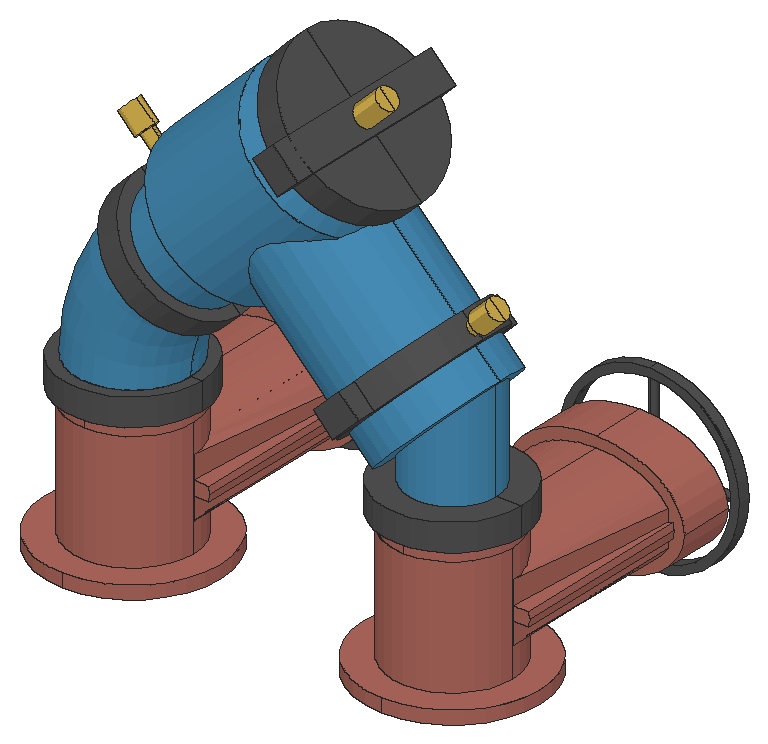
Revit family "Backflow_Preventer-DC-Zurn_Wilkins-Model_450_450G-(8-10_Inch)", category Pipe Accessories, Revit 2022
Family settings
  Round Connector Dimension = Use Radius
  Part Type = Valve - Breaks Into
  OmniClass Number = 23.65.55.14.21
  OmniClass Title = Non-Return Valves for Liquid Services
  Work Plane-Based = No
  Always vertical = Yes
  Cut with Voids When Loaded = No
  Shared = No
Parameters (values of type "10-450 (10" 450)")
  URL = "https://www.zurn.com"
  Type Comments = ""
  Symbolic diagram = Symbolic diagram 450NRS(8-10) : 10"
  Repair Parts URL = "https://files.zurn.com/repair-parts/450_new_file.pdf"
  Rated Flow = 2400 GPM
  Product data URL = "https://www.bimobject.com/en/wilkins/product/zurn-450"
  Product Weight (lbs) = 1032
  Product Page URL = "https://www.zurn.com/products/water-control/backflow-preventers/450"
  Product Installation Sheet URL = "https://files.zurn.com/care-cleaning-install-warranty-sheets/is450-450da-8.pdf"
  Product Documentation Link = "https://files.zurn.com/spec-sheets/bf-450.pdf"
  Pressure Loss at Rated Flow = 6.00 psi
  Pipe Size = 1 3/32"
  Overall Length = 29"
  Overall Height = 47 1/2"
  Nominal Diameter = Nominal Radius * 2  # 10"
  Modified Date = "10/22/2025"  # constant formula
  Max Working Water Temperature = 140 °F  # constant formula
  Max Working Water Pressure = 175.00 psi  # constant formula
  Manufacturer Brand = "Zurn Wilkins"  # constant formula
  Main Material = Paint - Zurn - Blue - Ductile Iron
  Main Body DA = Main Body 450(8-10) : 10"
  Symbol Length = 24"
  Nominal Radius = 5"
  Model = "450"
  Manufacturer = "Zurn Water, LLC"  # constant formula
  Shut Off Valve = Gate Valve_450 NRS(8-10) : 10"
  Length = Overall Length  # 29"
  Hydrostatic Test Pressure = 350.00 psi  # constant formula
  Height = Overall Height  # 47 1/2"
  Flow Rate (GPM) = 0 GPM
  Description = "Double Check Valve Assembly"  # constant formula
  Default Elevation = 0"
  Date Created = "10/22/2025"  # constant formula
  DIM D - Center to cover coupling end = 8 31/32"
  DIM C - Center to gate valve stem top = 24 3/4"
  DIM B - Overall height of the valve = 47 1/2"
  DIM A - Inlet center to outlet center = 29"
  Bend Radius Outside = 2"
  Bend Radius = 1"
  Assembly Code = "D2020300"
Reference planes (in)
  plane 1 "Center (Front/Back)": y = 0
  plane 2: z = 0
  plane 3 "Center (Left/Right)": x = 0
  plane 4: z = 32.12448
  plane 5: x = -14.5
  plane 6: x = 14.5
  plane 7: z = -15.37552
  plane 8: y = 8.96875
  plane 9: y = 24.75
Dimensions and locks (in)
  equal spacing: plane 5, plane 3 "Center (Left/Right)", plane 6
  "DIM A - Inlet center to outlet center": plane 5 to plane 6
  locked: plane 4 to plane 2 at 32.12448
  "DIM B - Overall height of the valve": plane 4 to plane 7
  "DIM D - Center to cover coupling end": plane 1 "Center (Front/Back)" to plane 8
  "DIM C - Center to gate valve stem top": plane 1 "Center (Front/Back)" to plane 9
  locked: plane 1 "Center (Front/Back)" to nested 2
  locked: connector elem to plane 5
  locked: connector elem to plane 1 "Center (Front/Back)"  (x2)
  locked: connector elem to plane 6
  aligned: nested 1 to level
  aligned: plane 1 "Center (Front/Back)" to nested 1
  aligned and locked: plane 1 "Center (Front/Back)" to nested 1
  aligned and locked: plane 3 "Center (Left/Right)" to nested 3
  aligned: nested 3 to nested 1
  aligned: nested 1 to nested 3  (x2)
  aligned: nested 2 to nested 3  (x5)
  aligned and locked: level to plane 2
  aligned and locked: nested 2 to plane 6
  aligned and locked: plane 5 to nested 1
  aligned and locked: plane 3 "Center (Left/Right)" to nested 4
  aligned and locked: level to nested 4
  aligned and locked: nested 2 to plane 7
  aligned and locked: plane 1 "Center (Front/Back)" to nested 4
  aligned and locked: plane 7 to nested 1
Nested families (in)
  nested 1: "Gate Valve_450 NRS(8-10)" at (-14.5, 0, -8.84427) x (0, 0, -1) z (0, 1, 0), type <- "Shut Off Valve", type "10"", detail levels fine
    with Housing Top Radius 2 3/8", Housing Bottom Radius 2 1/2", Horizontal Flange Thickness 4 7/8", Horizontal Flange Height 21 1/4", Cover Diameter 7 1/2", Body Radius 5 1/2", Body Diameter 11"
  nested 2: "Gate Valve_450 NRS(8-10)" at (14.5, 0, -8.84427) x (0, 0, -1) z (0, 1, 0), type <- "Shut Off Valve", type "10"", detail levels fine
    with Housing Top Radius 2 3/8", Housing Bottom Radius 2 1/2", Horizontal Flange Thickness 4 7/8", Horizontal Flange Height 21 1/4", Cover Diameter 7 1/2", Body Radius 5 1/2", Body Diameter 11"
  nested 3: "Main Body 450(8-10)" at (1.01587, 8.2845, 0), type <- "Main Body DA", type "10"", detail levels fine
  nested 4: "Symbolic diagram 450NRS(8-10)" at (0, 0, 0), type <- "Symbolic diagram", type "10"", detail levels coarse+medium
    with Product Install & Maintenance Sheet URL ""
Connectors (in)
  piping at (-14.5, 0, -15.37552), diameter 10, driven by "Nominal Radius"
    settings: on nested 1, index 1, connector inside diameter 24", connector length 0", flow factor 0, pipe flow 0 GPM, pressure drop 0.00 psi, fitting loss kfactor 0, connector angle 0.00°, fixture units 0, engagement length 0", angle of deflection 0.00°, flow configuration 0, flow direction 1, fitting loss method 0, system type 29, joint type 0, gender type 0, connector reference index 2, connector utility 0, adjustable connector no, is connector primary yes, connector description "Inlet"
  piping at (14.5, 0, -15.37552), diameter 10, driven by "Nominal Radius"
    settings: on plane 7, index 2, connector inside diameter 24", connector length 0", flow factor 0, pipe flow 0 GPM, pressure drop 0.00 psi, fitting loss kfactor 0, connector angle 0.00°, fixture units 0, engagement length 0", angle of deflection 0.00°, flow configuration 0, flow direction 2, fitting loss method 0, system type 29, joint type 0, gender type 0, connector reference index 1, connector utility 0, adjustable connector no, is connector primary no, connector description "Outlet"
Definition of nested family "Gate Valve_450 NRS(8-10)"
  Parameters (values of type "8" G")
    URL = "http://www.zurn.com/operations/wilkins/pdfs/specsheets/GV-48WILKINS.pdf"
    Symbol Width = 0.5 * Body Length * tan(30.00°)  # 3.33781"
    Spoke Width = Hand Wheel Radius - 3/4"  # 6 5/8"
    Side flange diameter = 9"
    Pipe Size = 8"
    Pipe Radius = 4"
    Open Height = 21 1/8"
    OSY = no
    Model = "48"
    Manufacturer = "Zurn Wilkins"
    MR side flange diameter = 11 3/4"
    Loss Method = (empty or 0)
    Housing Top Radius [instance] = Housing Bottom Radius - 1/8"  # 2 3/8"
    Housing Bottom Radius [instance] = if(Hand Wheel Diameter > 11", 2 1/2", 1 13/16")  # 2 1/2"
    Horizontal Flange Thickness [instance] = ((Flange Thickness * 2) * 2) + 1/8"  # 4 5/8"
    Horizontal Flange Height [instance] = Closed Height - 3 1/2"  # 17 5/8"
    Hand Wheel Height = Open Height / 2  # 10 9/16"
    Hand Wheel Radius = Hand Wheel Diameter / 2  # 7 3/8"
    Hand Wheel Diameter = 14 3/4"
    Flange Thickness = 1 1/8"
    Flange Radius = Flange Diameter / 2  # 6 3/4"
    Flange Diameter = 13 1/2"
    Description = "Gate Valve"
    Default Elevation = 0"
    Cover Diameter [instance] = (Flange Diameter / 2) - 1/2"  # 6 1/4"
    Closed Height = 21 1/8"
    Body Radius [instance] = (Pipe Size / 2) + 1/2"  # 4 1/2"
    Body Length = 11 9/16"
    Body Diameter [instance] = Body Radius * 2  # 9"
    Assembly Code = "D2090800"
  Types (4): name | Symbol Width | Spoke Width | Side flange diameter | Pipe Size | Pipe Radius | Open Height | MR side flange diameter | Horizontal Flange Thickness | Horizontal Flange Height | Hand Wheel Height | Hand Wheel Radius | Hand Wheel Diameter | Flange Thickness | Flange Radius | Flange Diameter | Cover Diameter | Closed Height | Body Radius | Body Length | Body Diameter
    10" | 3.77082" | 7 7/16" | 16" | 10" | 5" | 24 3/4" | 16" | 4 7/8" | 21 1/4" | 12 3/8" | 8 3/16" | 16 3/8" | 1 3/16" | 8" | 16" | 7 1/2" | 24 3/4" | 5 1/2" | 13 1/16" | 11"
    8" | 3.33781" | 6 5/8" | 13 1/2" | 8" | 4" | 21 1/8" | 13 1/2" | 4 5/8" | 17 5/8" | 10 9/16" | 7 3/8" | 14 3/4" | 1 1/8" | 6 3/4" | 13 1/2" | 6 1/4" | 21 1/8" | 4 1/2" | 11 9/16" | 9"
    10" G | 3.77082" | 7 7/16" | 11" | 10" | 5" | 24 3/4" | 14 1/4" | 4 7/8" | 21 1/4" | 12 3/8" | 8 3/16" | 16 3/8" | 1 3/16" | 8" | 16" | 7 1/2" | 24 3/4" | 5 1/2" | 13 1/16" | 11"
    8" G | 3.33781" | 6 5/8" | 9" | 8" | 4" | 21 1/8" | 11 3/4" | 4 5/8" | 17 5/8" | 10 9/16" | 7 3/8" | 14 3/4" | 1 1/8" | 6 3/4" | 13 1/2" | 6 1/4" | 21 1/8" | 4 1/2" | 11 9/16" | 9"
  Reference planes (in)
    plane 1 "Center (Front/Back)": y = 0
    plane 2: z = 0
    plane 3 "Center (Left/Right)": x = 0
    plane 4 "Left": x = -5.78125
    plane 5 "Right": x = 5.78125
    plane 6: z = 21.125
    plane 7 "Flange Left": x = -4.65625
    plane 8 "Flange Right": x = 4.65625
    plane 9 "Horizontal Flange": z = 17.625
    plane 10 "Tap Left": x = -3.40625
    plane 11 "Tap Right": x = 3.40625
    plane 12 "Horizontal Flange Bottom": z = 13
    plane 13: y = 6.75
    plane 14: y = -6.75
    plane 15: z = 13
    plane 16: y = 5.75
    plane 17: y = -5.75
    plane 18: x = -3.65625
    plane 19: x = 3.65625
    plane 20: y = 5.25
    plane 21: y = -5.25
    plane 22: x = -3.15625
    plane 23: x = 3.15625
    plane 24: y = 3.125
    plane 25: y = -3.125
    plane 26: y = 2.375
    plane 27: y = -2.375
    plane 28: y = 4.5
    plane 29: y = -4.5
    plane 30: z = 6.75
    plane 31: y = 4.75
    plane 32: y = -4.75
    plane 33: x = 6.90625
    plane 34: x = -6.90625
    plane 35: y = 3.33781
    plane 36: y = -3.33781
    plane 37: z = 19.25
    plane 38: z = 18.25
    plane 39: z = 16.875
    plane 40: z = 13.25
    plane 41: z = -1.875
    plane 42: z = 0
    plane 43: y = -7.375
    plane 44: y = 7.375
    plane 45: y = -0.6875
    plane 46: y = 0.6875
    plane 47: y = -1.5
    plane 48: y = 1.5
    plane 49: z = 19.75
    plane 50: z = 18.75
    plane 51: z = 20
  Forms (in)
    Extrusion 1, solid, detail levels fine
      sketch origin (0, 0, 0) x (0, 1, 0) y (0, 0, 1)
        loop
          circle (0, 0) r 4.5
      from -4.65625 to 4.65625
    Extrusion 2, solid, detail levels fine
      sketch origin (-4.65625, 0, 0) x (0, 0, 1) y (0, -1, 0)
        loop
          circle (0, 0) r 4.5
      from 0 to -1.125
    Extrusion 3, solid, detail levels fine
      sketch origin (4.25, 0, 0) x (0, 0, 1) y (0, -1, 0)
        loop
          circle (0, 0) r 4.5
      from 0.40625 to 1.53125
    Extrusion 4, solid, detail levels fine
      sketch origin (0, 0, 17.625) x (-1, 0, 0) y (0, -1, 0)
        loop
          spline (0, -6.75) -> (0.60776, -6.69225) -> (1.20513, -6.52) -> (1.78187, -6.23619) -> (2.32813, -5.84567) -> (2.83455, -5.35514) -> (3.29247, -4.77297) -> (3.69405, -4.10914) -> (4.03243, -3.375) -> (4.30181, -2.58311) -> (4.49759, -1.74703) -> (4.61642, -0.88105) -> (4.65625, 0)
          spline (4.65625, 0) -> (4.61642, 0.88105) -> (4.49759, 1.74703) -> (4.30181, 2.58311) -> (4.03243, 3.375) -> (3.69405, 4.10914) -> (3.29247, 4.77297) -> (2.83455, 5.35514) -> (2.32813, 5.84567) -> (1.78187, 6.23619) -> (1.20513, 6.52) -> (0.60776, 6.69225) -> (0, 6.75)
          spline (0, 6.75) -> (-0.60776, 6.69225) -> (-1.20513, 6.52) -> (-1.78187, 6.23619) -> (-2.32812, 5.84567) -> (-2.83455, 5.35514) -> (-3.29247, 4.77297) -> (-3.69405, 4.10914) -> (-4.03243, 3.375) -> (-4.30181, 2.58311) -> (-4.49759, 1.74703) -> (-4.61642, 0.88105) -> (-4.65625, 0)
          spline (-4.65625, 0) -> (-4.61642, -0.88105) -> (-4.49759, -1.74703) -> (-4.30181, -2.58311) -> (-4.03243, -3.375) -> (-3.69405, -4.10914) -> (-3.29247, -4.77297) -> (-2.83455, -5.35514) -> (-2.32812, -5.84567) -> (-1.78187, -6.23619) -> (-1.20513, -6.52) -> (-0.60776, -6.69225) -> (0, -6.75)
      from -4.625 to 0
    Blend 5, solid, detail levels fine
      base sketch origin (0, 0, 0) x (1, 0, 0) y (0, 1, 0)
        loop
          line (0.625, 4.5) -> (0.625, 5.66601)
          spline (0.625, 5.66601) -> (0.57336, 5.67939) -> (0.52161, 5.69163) -> (0.46975, 5.7027) -> (0.4178, 5.71262) -> (0.36576, 5.72137) -> (0.31365, 5.72896) -> (0.26147, 5.73539) -> (0.20924, 5.74065) -> (0.15697, 5.74474) -> (0.10466, 5.74766) -> (0.05234, 5.74942) -> (0, 5.75)
          spline (0, 5.75) -> (-0.05234, 5.74942) -> (-0.10466, 5.74766) -> (-0.15697, 5.74474) -> (-0.20924, 5.74065) -> (-0.26147, 5.73539) -> (-0.31365, 5.72896) -> (-0.36576, 5.72137) -> (-0.4178, 5.71262) -> (-0.46975, 5.7027) -> (-0.52161, 5.69163) -> (-0.57336, 5.67939) -> (-0.625, 5.66601)
          line (-0.625, 5.66601) -> (-0.625, 4.5) -> (-2.27607, 4.5)
          spline (-2.27607, 4.5) -> (-2.48381, 4.21952) -> (-2.67763, 3.91537) -> (-2.85644, 3.58927) -> (-3.01922, 3.24304) -> (-3.16507, 2.87862) -> (-3.29318, 2.49806) -> (-3.40281, 2.10349) -> (-3.49336, 1.69713) -> (-3.56433, 1.28124) -> (-3.6153, 0.85818) -> (-3.646, 0.43029) -> (-3.65625, 0)
          spline (-3.65625, 0) -> (-3.646, -0.43029) -> (-3.6153, -0.85818) -> (-3.56433, -1.28124) -> (-3.49336, -1.69713) -> (-3.40281, -2.10349) -> (-3.29318, -2.49806) -> (-3.16507, -2.87862) -> (-3.01922, -3.24304) -> (-2.85644, -3.58927) -> (-2.67763, -3.91537) -> (-2.48381, -4.21952) -> (-2.27607, -4.5)
          line (-2.27607, -4.5) -> (-0.625, -4.5) -> (-0.625, -5.66601)
          spline (-0.625, -5.66601) -> (-0.57336, -5.67939) -> (-0.52161, -5.69163) -> (-0.46975, -5.7027) -> (-0.4178, -5.71262) -> (-0.36576, -5.72137) -> (-0.31365, -5.72896) -> (-0.26147, -5.73539) -> (-0.20924, -5.74065) -> (-0.15697, -5.74474) -> (-0.10466, -5.74766) -> (-0.05234, -5.74942) -> (0, -5.75)
          spline (0, -5.75) -> (0.05234, -5.74942) -> (0.10466, -5.74766) -> (0.15697, -5.74474) -> (0.20924, -5.74065) -> (0.26147, -5.73539) -> (0.31365, -5.72896) -> (0.36576, -5.72137) -> (0.4178, -5.71262) -> (0.46975, -5.7027) -> (0.52161, -5.69163) -> (0.57336, -5.67939) -> (0.625, -5.66601)
          line (0.625, -5.66601) -> (0.625, -4.5) -> (2.27607, -4.5)
          spline (2.27607, -4.5) -> (2.48381, -4.21952) -> (2.67763, -3.91537) -> (2.85644, -3.58927) -> (3.01922, -3.24304) -> (3.16507, -2.87862) -> (3.29318, -2.49806) -> (3.40281, -2.10349) -> (3.49336, -1.69713) -> (3.56433, -1.28124) -> (3.6153, -0.85818) -> (3.646, -0.43029) -> (3.65625, 0)
          spline (3.65625, 0) -> (3.646, 0.43029) -> (3.6153, 0.85818) -> (3.56433, 1.28124) -> (3.49336, 1.69713) -> (3.40281, 2.10349) -> (3.29318, 2.49806) -> (3.16507, 2.87862) -> (3.01922, 3.24304) -> (2.85644, 3.58927) -> (2.67763, 3.91537) -> (2.48381, 4.21952) -> (2.27607, 4.5)
          line (2.27607, 4.5) -> (0.625, 4.5)
      top sketch origin (0, 0, 0) x (1, 0, 0) y (0, 1, 0)
        loop
          line (0.625, 5.25) -> (0.625, 5.66601)
          spline (0.625, 5.66601) -> (0.57336, 5.67939) -> (0.52161, 5.69163) -> (0.46975, 5.7027) -> (0.4178, 5.71262) -> (0.36576, 5.72137) -> (0.31365, 5.72896) -> (0.26147, 5.73539) -> (0.20924, 5.74065) -> (0.15697, 5.74474) -> (0.10466, 5.74766) -> (0.05234, 5.74942) -> (0, 5.75)
          spline (0, 5.75) -> (-0.05234, 5.74942) -> (-0.10466, 5.74766) -> (-0.15697, 5.74474) -> (-0.20924, 5.74065) -> (-0.26147, 5.73539) -> (-0.31365, 5.72896) -> (-0.36576, 5.72137) -> (-0.4178, 5.71262) -> (-0.46975, 5.7027) -> (-0.52161, 5.69163) -> (-0.57336, 5.67939) -> (-0.625, 5.66601)
          line (-0.625, 5.66601) -> (-0.625, 5.25) -> (-1.49125, 5.25)
          spline (-1.49125, 5.25) -> (-1.80402, 5.00134) -> (-2.10021, 4.70673) -> (-2.37711, 4.36888) -> (-2.63217, 3.99089) -> (-2.86305, 3.57622) -> (-3.06762, 3.1287) -> (-3.244, 2.65244) -> (-3.39058, 2.1518) -> (-3.506, 1.63139) -> (-3.58922, 1.09599) -> (-3.63945, 0.55053) -> (-3.65625, 0)
          spline (-3.65625, 0) -> (-3.63945, -0.55053) -> (-3.58922, -1.09599) -> (-3.506, -1.63139) -> (-3.39058, -2.1518) -> (-3.244, -2.65244) -> (-3.06762, -3.1287) -> (-2.86305, -3.57622) -> (-2.63217, -3.99089) -> (-2.37711, -4.36888) -> (-2.10021, -4.70673) -> (-1.80402, -5.00134) -> (-1.49125, -5.25)
          line (-1.49125, -5.25) -> (-0.625, -5.25) -> (-0.625, -5.66601)
          spline (-0.625, -5.66601) -> (-0.57336, -5.67939) -> (-0.52161, -5.69163) -> (-0.46975, -5.7027) -> (-0.4178, -5.71262) -> (-0.36576, -5.72137) -> (-0.31365, -5.72896) -> (-0.26147, -5.73539) -> (-0.20924, -5.74065) -> (-0.15697, -5.74474) -> (-0.10466, -5.74766) -> (-0.05234, -5.74942) -> (0, -5.75)
          spline (0, -5.75) -> (0.05234, -5.74942) -> (0.10466, -5.74766) -> (0.15697, -5.74474) -> (0.20924, -5.74065) -> (0.26147, -5.73539) -> (0.31365, -5.72896) -> (0.36576, -5.72137) -> (0.4178, -5.71262) -> (0.46975, -5.7027) -> (0.52161, -5.69163) -> (0.57336, -5.67939) -> (0.625, -5.66601)
          line (0.625, -5.66601) -> (0.625, -5.25) -> (1.49125, -5.25)
          spline (1.49125, -5.25) -> (1.80402, -5.00134) -> (2.10021, -4.70673) -> (2.37711, -4.36888) -> (2.63217, -3.99089) -> (2.86305, -3.57622) -> (3.06762, -3.1287) -> (3.244, -2.65244) -> (3.39058, -2.1518) -> (3.506, -1.63139) -> (3.58922, -1.09599) -> (3.63945, -0.55053) -> (3.65625, 0)
          spline (3.65625, 0) -> (3.63945, 0.55053) -> (3.58922, 1.09599) -> (3.506, 1.63139) -> (3.39058, 2.1518) -> (3.244, 2.65244) -> (3.06762, 3.1287) -> (2.86305, 3.57622) -> (2.63217, 3.99089) -> (2.37711, 4.36888) -> (2.10021, 4.70673) -> (1.80402, 5.00134) -> (1.49125, 5.25)
          line (1.49125, 5.25) -> (0.625, 5.25)
      from 0 to 13
    Extrusion 6, solid, detail levels fine
      sketch origin (-0.03217, 0, 0) x (0.434027, 0.9009, 0) y (-0.9009, 0.434027, 0)
        loop
          circle (0.01396, -0.02898) r 0.6875
      from 0 to 21.125
    Revolve 7, solid, visible <- "OSY", detail levels fine
      sketch origin (-0.03217, 0, 0) x (0, 1, 0) y (0, 0, 1)
        loop
          line (0, 17.625) -> (2.5, 17.625) -> (2.375, 17.76097)
          arc (2.375, 17.76097) -> (2.22477, 18.10741) -> (1.87512, 18.25) r 0.5
          line (1.87512, 18.25) -> (0, 18.25) -> (0, 17.625)
        axis (0, 17.625) -> (0, 18.25)
      angle from 0 to 360
    Extrusion 8, void
      sketch origin (-0.03217, 0, 0) x (0, 1, 0) y (0, 0, 1)
        loop
          line (0.9996, 16.875) -> (-1.00282, 16.875) -> (-1.00282, 13.25) -> (0.9996, 13.25) -> (0.9996, 16.875)
      from -3 to 3
    Extrusion 9, solid, detail levels fine
      sketch origin (0, 0, 19.25) x (-1, 0, 0) y (0, -1, 0)
        loop
          circle (0, 0) r 1.5
      from -0.75 to 0.75
    Extrusion 10, solid, detail levels fine
      sketch origin (0, 0, 19.25) x (-1, 0, 0) y (0, -1, 0)
        loop
          circle (0, 0) r 7.375
        loop
          circle (0, 0) r 6.625
        loop
          circle (0, 0) r 1.75
      from -0.5 to 0.5
    Revolve 11, solid, detail levels fine
      sketch origin (0, 0, 0) x (1, 0, 0) y (0, 0, 1)
        loop
          line (-6.625, 19.625) -> (-6.625, 19.25) -> (6.625, 19.25) -> (6.625, 19.625) -> (-6.625, 19.625)
        axis (-6.625, 19.25) -> (6.625, 19.25)
      angle from 0 to 360
    Revolve 12, solid, detail levels fine
      sketch origin (0, 0, 0) x (0, 1, 0) y (0, 0, 1)
        loop
          line (6.625, 19.25) -> (6.625, 19.625) -> (-6.625, 19.625) -> (-6.625, 19.25) -> (6.625, 19.25)
        axis (6.625, 19.25) -> (-6.625, 19.25)
      angle from 0 to 360
  Cuts and joins
    Extrusion 8 cuts Revolve 7
  Lines and regions (in)
    Masking region 1, detail levels fine
      outline origin (0, 0, 0) x (0, 1, 0) y (0, 0, 1)
        loop
          arc (-5.75, 1.20546) -> (0, -5.875) -> (5.75, 1.20546) r 5.875
          line (5.75, 1.20546) -> (5.75, 13) -> (6.75, 13) -> (6.75, 17.625) -> (2.375, 17.625) -> (2.375, 18.75) -> (7.375, 18.75) -> (7.375, 19.75) -> (1.5, 20) -> (0.6875, 20) -> (0.6875, 21.125) -> (-0.6875, 21.125) -> (-0.6875, 20) -> (-1.5, 20) -> (-7.375, 19.75) -> (-7.375, 18.75) -> (-2.375, 18.75) -> (-2.375, 17.625) -> (-6.75, 17.625) -> (-6.75, 13) -> (-5.75, 13) -> (-5.75, 1.20546)
  Dimensions and locks (in)
    "Open Height": plane 6 to plane 2
    equal spacing: plane 5 "Right", plane 3 "Center (Left/Right)", plane 4 "Left"
    "Body Length": plane 5 "Right" to plane 4 "Left"
    "Flange Thickness": plane 7 "Flange Left" to plane 4 "Left"
    "Flange Thickness": plane 5 "Right" to plane 8 "Flange Right"
    locked: plane 10 "Tap Left" to plane 7 "Flange Left" at 1.25
    locked: plane 11 "Tap Right" to plane 8 "Flange Right" at 1.25
    "Horizontal Flange Height": plane 9 "Horizontal Flange" to plane 2
    "Horizontal Flange Thickness": plane 9 "Horizontal Flange" to plane 12 "Horizontal Flange Bottom"
    equal spacing: plane 13, plane 1 "Center (Front/Back)", plane 14
    "Flange Diameter": plane 13 to plane 14
    locked: plane 13 to plane 16 at 1
    locked: plane 17 to plane 14 at 1
    locked: plane 7 "Flange Left" to plane 18 at 1
    locked: plane 19 to plane 8 "Flange Right" at 1
    locked: plane 16 to plane 20 at 0.5
    locked: plane 21 to plane 17 at 0.5
    locked: plane 18 to plane 22 at 0.5
    locked: plane 23 to plane 19 at 0.5
    locked: plane 24 to plane 26 at 0.75
    locked: plane 27 to plane 25 at 0.75
    "Cover Diameter": plane 24 to plane 25
    equal spacing: plane 24, plane 1 "Center (Front/Back)", plane 25
    equal spacing: plane 28, plane 1 "Center (Front/Back)", plane 29
    "Body Diameter": plane 28 to plane 29
    "Flange Radius": plane 30 to plane 2
    locked: plane 31 to plane 28 at 0.25
    locked: plane 29 to plane 32 at 0.25
    "Flange Thickness": plane 33 to plane 5 "Right"
    "Flange Thickness": plane 4 "Left" to plane 34
    "Symbol Width": plane 1 "Center (Front/Back)" to plane 35
    "Symbol Width": plane 1 "Center (Front/Back)" to plane 36
    locked: plane 37 to plane 38 at 1
    locked: plane 38 to plane 39 at 1.375
    locked: plane 39 to plane 40 at 3.625
    Extrusion 8 sketch curve to plane 1 "Center (Front/Back)" to Extrusion 8 sketch curve = 1.00282" locked, 0.9996" locked
    "Housing Top Radius": Revolve 7 sketch curve to Revolve 7 sketch curve
    "Housing Bottom Radius": Revolve 7 sketch curve to Revolve 7 sketch curve
    "Closed Height": plane 37 to plane 41
    locked: plane 2 to plane 41 at 1.875
    Revolve 11 sketch curve to Revolve 11 sketch curve = 3/8"
    equal spacing: Revolve 11 sketch curve, plane 3 "Center (Left/Right)", Revolve 11 sketch curve
    "Spoke Width": plane 3 "Center (Left/Right)" to Revolve 11 sketch curve
    equal spacing: Revolve 12 sketch curve, plane 1 "Center (Front/Back)", Revolve 12 sketch curve
    "Spoke Width": Revolve 12 sketch curve to plane 1 "Center (Front/Back)"
    locked: Revolve 12 sketch curve to Revolve 12 sketch curve at 0.375
    Extrusion 9 to plane 37 to Extrusion 9 = 3/4" locked, 3/4" locked
    Extrusion 10 to plane 37 to Extrusion 10 = 1/2" locked, 1/2" locked
    locked: plane 1 "Center (Front/Back)" to Extrusion 1 sketch curve
    locked: level to Extrusion 1 sketch curve
    locked: Extrusion 2 sketch curve to plane 1 "Center (Front/Back)"
    locked: level to Extrusion 2 sketch curve
    locked: plane 1 "Center (Front/Back)" to Extrusion 3 sketch curve
    locked: level to Extrusion 3 sketch curve
    locked: Extrusion 6 sketch curve to plane 3 "Center (Left/Right)" at 0
    locked: plane 1 "Center (Front/Back)" to Extrusion 6 sketch curve at 0
    locked: plane 3 "Center (Left/Right)" to Extrusion 9 sketch curve
    locked: plane 1 "Center (Front/Back)" to Extrusion 9 sketch curve
    locked: plane 1 "Center (Front/Back)" to Extrusion 10 sketch curve  (x3)
    locked: plane 3 "Center (Left/Right)" to Extrusion 10 sketch curve  (x3)
    equal spacing: plane 43, plane 1 "Center (Front/Back)", plane 44
    "Hand Wheel Diameter": plane 43 to plane 44
    equal spacing: plane 45, plane 1 "Center (Front/Back)", plane 46
    locked: plane 45 to plane 46 at 1.375
    equal spacing: plane 47, plane 1 "Center (Front/Back)", plane 48
    locked: plane 47 to plane 48 at 3
    locked: plane 51 to plane 37 at 0.75
    equal spacing: plane 49, plane 37, plane 50
    locked: plane 49 to plane 50 at 1
    "Body Radius": radius of Extrusion 1 sketch curve
    "Body Radius": radius of Extrusion 2 sketch curve
    "Hand Wheel Radius": radius of Extrusion 10 sketch curve
    radius of Extrusion 10 sketch curve = 1 3/4"
    "Spoke Width": radius of Extrusion 10 sketch curve
    radius of Extrusion 6 sketch curve = 11/16"
    radius of Extrusion 9 sketch curve = 1 1/2"
    "MR side flange diameter": diameter of Masking region 1 sketch curve
    "Side flange diameter": diameter of Extrusion 3 sketch curve
    aligned: plane 5 "Right" to Extrusion 1
    aligned: Extrusion 1 to plane 4 "Left"
    aligned and locked: Extrusion 1 to plane 7 "Flange Left"
    aligned and locked: plane 8 "Flange Right" to Extrusion 1
    aligned and locked: Extrusion 2 to plane 4 "Left"
    aligned and locked: plane 7 "Flange Left" to Extrusion 2
    aligned and locked: plane 5 "Right" to Extrusion 3
    aligned and locked: plane 9 "Horizontal Flange" to Extrusion 4
    aligned and locked: Extrusion 4 to plane 12 "Horizontal Flange Bottom"
    aligned and locked: Extrusion 3 to plane 8 "Flange Right"
    aligned and locked: Extrusion 3 to plane 5 "Right"
    aligned and locked: plane 4 "Left" to Extrusion 2
    aligned and locked: Extrusion 2 to plane 7 "Flange Left"
    aligned and locked: plane 13 to Extrusion 4 sketch curve
    aligned and locked: plane 8 "Flange Right" to Extrusion 4 sketch curve
    aligned and locked: plane 7 "Flange Left" to Extrusion 4 sketch curve
    aligned and locked: plane 14 to Extrusion 4 sketch curve
    aligned and locked: plane 20 to Blend 5 sketch curve  (x2)
    aligned and locked: Blend 5 sketch curve to plane 21  (x2)
    aligned: Blend 5 to plane 30
    aligned and locked: plane 12 "Horizontal Flange Bottom" to Blend 5
    aligned and locked: Blend 5 to level
    aligned and locked: Revolve 7 sketch curve to plane 38
    aligned and locked: plane 39 to Extrusion 8 sketch curve
    aligned and locked: plane 40 to Extrusion 8 sketch curve
    aligned and locked: plane 9 "Horizontal Flange" to cut or joined group of Revolve 7, Extrusion 8
    aligned and locked: plane 6 to Extrusion 6
    aligned and locked: plane 37 to Revolve 11 sketch curve
    aligned and locked: Revolve 11 sketch curve to plane 37
    aligned and locked: plane 37 to Revolve 12 sketch curve
    aligned and locked: Extrusion 6 to level
    aligned and locked: plane 1 "Center (Front/Back)" to Revolve 7 sketch curve
    aligned and locked: Revolve 7 sketch curve to Revolve 7 sketch curve
    aligned and locked: plane 17 to Masking region 1 sketch curve
    aligned and locked: Masking region 1 sketch curve to Extrusion 4  (x2)
    aligned and locked: Masking region 1 sketch curve to plane 14
    aligned and locked: Masking region 1 sketch curve to Extrusion 10  (x2)
    aligned and locked: plane 16 to Masking region 1 sketch curve
    aligned and locked: plane 13 to Masking region 1 sketch curve
    aligned and locked: plane 12 "Horizontal Flange Bottom" to Masking region 1 sketch curve
    aligned and locked: plane 12 "Horizontal Flange Bottom" to Masking region 1  (x2)
    aligned and locked: plane 1 "Center (Front/Back)" to Masking region 1 sketch curve
    aligned and locked: level to Masking region 1 sketch curve
    aligned and locked: plane 9 "Horizontal Flange" to Masking region 1 sketch curve
    aligned and locked: plane 43 to Masking region 1 sketch curve
    aligned and locked: plane 48 to Masking region 1 sketch curve
    aligned and locked: plane 44 to Masking region 1 sketch curve
    aligned and locked: plane 45 to Masking region 1 sketch curve
    aligned and locked: plane 46 to Masking region 1 sketch curve
    aligned and locked: plane 6 to Masking region 1 sketch curve
    aligned and locked: plane 51 to Masking region 1 sketch curve  (x2)
    aligned and locked: plane 47 to Masking region 1 sketch curve
    aligned and locked: plane 26 to Masking region 1 sketch curve
    aligned and locked: Masking region 1 sketch curve to plane 27
  Automatic sketch dimensions
    Extrusion 4 sketch curve to plane 3 "Center (Left/Right)" = 0"  (x2)
    plane 1 "Center (Front/Back)" to Extrusion 4 sketch curve = 0"  (x2)
    plane 1 "Center (Front/Back)" to Blend 5 sketch curve = 0"  (x10)
    Blend 5 sketch curve to plane 18 = 0"  (x2)
    Blend 5 sketch curve to plane 28 = 0"  (x2)
    Blend 5 sketch curve to plane 29 = 0"  (x2)
    Blend 5 sketch curve to plane 3 "Center (Left/Right)" = 0"  (x12)
    Blend 5 sketch curve to plane 19 = 0"  (x2)
    Blend 5 sketch curve to plane 17 = 0"  (x14)
    plane 17 to Blend 5 sketch curve = 0.08399"  (x2)
    Blend 5 sketch curve to plane 3 "Center (Left/Right)" = 5/8"  (x4)
    Blend 5 sketch curve to plane 16 = 0.08399"  (x4)
    plane 3 "Center (Left/Right)" to Blend 5 sketch curve = 5/8"  (x4)
    Blend 5 sketch curve to Blend 5 sketch curve = 0.08399"
    Blend 5 sketch curve to Blend 5 sketch curve = 0.41601"
    plane 38 to Revolve 7 sketch curve = 1/2"
    plane 38 to Revolve 7 sketch curve = 0.48903"
    Revolve 7 sketch curve to plane 30 = 10 7/8"
    Revolve 7 sketch curve to plane 37 = 3/8"
    plane 37 to Revolve 7 sketch curve = 7/8"
    Revolve 11 sketch curve to plane 33 = 1/4"
    plane 33 to Revolve 11 sketch curve = 1/2"
    Revolve 12 sketch curve to plane 37 = 0"
    Revolve 12 sketch curve to Revolve 12 sketch curve = 1/4"
    Revolve 12 sketch curve to Revolve 12 sketch curve = 1 1/4"
    plane 49 to Masking region 1 sketch curve = 0"  (x2)
Definition of nested family "Main Body 450(8-10)"
  Parameters (values of type "10"")
    Weight = ""
    Side pipe dia = 5 1/4"
    Right side pipe length = 10 1/2"
    MR right side nipple to body length = 3/4"
    MR body dia-1 = 12 13/16"
    Loss Method = (empty or 0)
    Flange thickness = 2 15/32"
    Flange Radius = 6 5/16"
    Default Elevation = 0"
    Center to cover coupling end D = 8 31/32"
    Center to bypass end = 13"
    Assembly Code = ""
    Pipe Size = 5 1/4"
  Types (2): name | Weight | Side pipe dia | MR right side nipple to body length | MR body dia-1 | Flange thickness | Flange Radius | Pipe Size
    10" | "" | 5 1/4" | 3/4" | 12 13/16" | 2 15/32" | 6 5/16" | 5 1/4"
    8" | "185 lbs." | 4 3/4" | 1.81173" | 11" | 2 5/16" | 5" | 4 1/4"
  Reference planes (in)
    plane 1 "Center (Front/Back)": y = -8.2845
    plane 2: z = 0
    plane 3: through (12.89079, -180, 5.28568) normal (-0.7071, 0, -0.7071)
    plane 4: x = 13.48413
    plane 5: x = -15.51587
    plane 6: through (-5.92374, -180, 15.48877) normal (-0.7071, 0, 0.7071)
    plane 7 "pipe": z = 18.3227
    plane 8: x = -1.01587
    plane 9: x = 20.52572
    plane 10 "pipe back": y = 3.14308
    plane 11 "pipe connection": through (-8.49462, -180, 13.09243) normal (0.7071, 0, 0.7071)
    plane 12: y = 3.14308
    plane 13 "C2": x = -1.99281
    plane 14: z = 32.12448
    plane 15: y = 4.7155
    plane 16: y = 4.30864
    plane 17: x = 21.07181
    plane 18: x = 21.99074
    plane 19: y = 3.68873
    plane 20: x = -13.36177
    plane 21: y = -7.5345
    plane 22: y = -9.0345
    plane 23: y = -1.972
    plane 24: y = -14.597
    plane 25: y = -15.7845
    plane 26: y = -14.69075
    plane 27: y = -1.87825
    plane 28: x = 19.77572
    plane 29: y = -11.7845
    plane 30: x = -5.89941
    plane 31: x = 16.01526
    plane 32: x = 16.64026
    plane 33: x = 11.3565
    plane 34: x = 10.72117
    plane 35: x = -10.26587
    plane 36: x = -7.76587
    plane 37: z = -2.31302
    plane 38: y = -17.25325
    plane 39: y = 0.68425
    plane 40: x = 2.52856
    plane 41: x = 12.15517
    plane 42: y = -4.7845
    plane 43: y = -0.7845
  Forms (in)
    Revolve 1, solid, detail levels fine
      sketch origin (0, -8.2845, 0) x (1, 0, 0) y (0, 0, 1)
        loop
          line (-10.21896, 18.61817) -> (-15.67446, 13.16267) -> (-11.96215, 9.45036) -> (4.29282, 25.70533) -> (-0.21499, 30.21313) -> (-1.05846, 29.36966) -> (-3.25396, 28.62373) -> (-11.73924, 20.13845) -> (-10.21896, 18.61817)
        axis (-11.96215, 9.45036) -> (4.29282, 25.70533)
      angle from 0 to 360
    Revolve 2, solid, detail levels fine
      sketch origin (0, -8.2845, 0) x (1, 0, 0) y (0, 0, 1)
        loop
          line (3.27988, 24.05362) -> (-1.29864, 19.47511) -> (13.19705, 4.97942) -> (17.77557, 9.55794) -> (3.27988, 24.05362)
        axis (13.19705, 4.97942) -> (-1.29864, 19.47511)
      angle from 0 to 360
    Revolve 3, solid, detail levels fine
      sketch origin (0, -8.2845, 0) x (1, 0, 0) y (0, 0, 1)
        loop
          line (-16.42577, 13.91397) -> (-11.96215, 9.45036) -> (-10.21648, 11.19603) -> (-14.6801, 15.65964) -> (-16.42577, 13.91397)
        loop
          line (0.23795, 32.12448) -> (-1.55191, 30.33462) -> (3.6851, 25.09761) -> (5.47496, 26.88747) -> (0.23795, 32.12448)
        axis (-11.96215, 9.45036) -> (5.47496, 26.88747)
      angle from 0 to 360
    Revolve 4, solid, detail levels fine
      sketch origin (0, -8.2845, 0) x (1, 0, 0) y (0, 0, 1)
        loop
          line (9.21625, 8.96022) -> (3.97924, 3.72321) -> (5.76911, 1.93334) -> (11.00612, 7.17035) -> (9.21625, 8.96022)
        axis (11.00612, 7.17035) -> (9.21625, 8.96022)
      angle from 0 to 360
    Revolve 5, solid, detail levels fine
      sketch origin (0, -8.2845, 0) x (1, 0, 0) y (0, 0, 1)
        loop
          line (17.61438, 15.41133) -> (4.24587, 2.04282) -> (4.51103, 1.77765) -> (4.82039, 2.08701) -> (4.997, 1.9104) -> (16.46516, 13.37856) -> (16.73049, 13.11323) -> (18.32148, 14.70422) -> (17.61438, 15.41133)
        axis (17.61438, 15.41133) -> (4.24587, 2.04282)
      angle from 0 to 360
    Revolve 6, solid, detail levels fine
      sketch origin (0, -8.2845, 0) x (1, 0, 0) y (0, 0, 1)
        loop
          line (-21.82837, -2.31302) -> (-15.51587, -2.31302) -> (-15.51587, 0.15573) -> (-21.82837, 0.15573) -> (-21.82837, -2.31302)
        axis (-15.51587, 0.15573) -> (-15.51587, -2.31302)
      angle from 0 to 360
    Revolve 7, solid, detail levels fine
      sketch origin (0, -8.2845, 0) x (1, 0, 0) y (0, 0, 1)
        loop
          line (7.17163, 0.15573) -> (7.17163, -2.31302) -> (13.48413, -2.31302) -> (13.48413, 0.15573) -> (7.17163, 0.15573)
        axis (13.48413, -2.31302) -> (13.48413, 0.15573)
      angle from 0 to 360
    Sweep 8, solid, detail levels fine
      path origin (0, -8.2845, 0) x (1, 0, 0) y (0, 0, 1)
        loop
          arc (-11.64032, 9.7826) -> (-14.51066, 5.34163) -> (-15.51587, 0.15024) r 13.90798
          line (-15.51587, 0.15024) -> (-15.51587, 0)
      profile origin (-14.51066, -8.2845, 5.34163) x (0.927724, 0, -0.373267) y (0, -1, 0)
        loop
          circle (0, 0) r 5.25
    Revolve 9, solid, detail levels fine
      sketch origin (0, -8.2845, 0) x (1, 0, 0) y (0, 0, 1)
        loop
          line (13.48413, 0) -> (13.48413, 9.5) -> (9.48413, 9.5) -> (9.48413, 0) -> (13.48413, 0)
        axis (13.48413, 9.5) -> (13.48413, 0)
      angle from 0 to 360
    Revolve 10, solid, detail levels fine
      sketch origin (0, -8.2845, 0) x (1, 0, 0) y (0, 0, 1)
        loop
          line (5.47496, 26.88747) -> (7.59628, 29.00879) -> (6.88918, 29.7159) -> (4.76786, 27.59458) -> (5.47496, 26.88747)
        axis (5.47496, 26.88747) -> (7.59628, 29.00879)
      angle from 0 to 360
    Extrusion 11, solid, detail levels fine
      sketch origin (0, -8.2845, 0) x (1, 0, 0) y (0, 0, 1)
        loop
          line (4.31842, 28.04401) -> (2.52856, 26.25415) -> (4.82666, 23.95605) -> (6.61652, 25.74591) -> (4.31842, 28.04401)
      from -8.96875 to 8.96875
    Extrusion 12, solid, detail levels fine
      sketch origin (0, -8.2845, 0) x (1, 0, 0) y (0, 0, 1)
        loop
          line (10.3653, 10.10927) -> (8.06721, 7.81117) -> (9.85707, 6.0213) -> (12.15517, 8.3194) -> (10.3653, 10.10927)
      from -8.96875 to 8.96875
    Revolve 13, solid, detail levels fine
      sketch origin (0, -8.2845, 0) x (1, 0, 0) y (0, 0, 1)
        loop
          line (-15.83196, 20.42978) -> (-8.40735, 13.00516) -> (-7.9654, 13.4471) -> (-13.79903, 19.28073) -> (-13.53386, 19.54589) -> (-15.12486, 21.13688) -> (-15.83196, 20.42978)
        axis (-15.83196, 20.42978) -> (-8.40735, 13.00516)
      angle from 0 to 360
  Lines and regions (in)
    Masking region 1, detail levels fine
      outline origin (0, 0, 0) x (1, 0, 0) y (0, 1, 0)
        loop
          arc (-15.51587, -1.972) -> (-21.82837, -8.2845) -> (-15.51587, -14.597) r 6.3125
          line (-15.51587, -14.597) -> (-13.36177, -14.69075) -> (-10.26587, -14.69075) -> (-7.76587, -15.7845) -> (2.52856, -15.7845) -> (2.52856, -17.25325) -> (12.15517, -17.25325) -> (12.15517, -15.7845) -> (13.48413, -15.7845) -> (19.77572, -11.7845) -> (19.77572, -4.7845) -> (13.48413, -0.7845) -> (12.15517, -0.7845) -> (12.15517, 0.68425) -> (2.52856, 0.68425) -> (2.52856, -0.7845) -> (-7.76587, -0.7845) -> (-10.26587, -1.87825) -> (-13.36177, -1.87825) -> (-15.51587, -1.972)
  Dimensions and locks (in)
    locked: plane 4 to plane 5 at 29
    equal spacing: plane 4, plane 8, plane 5
    locked: plane 9 to plane 4 at 7.0416
    locked: plane 7 "pipe" to level at 18.3227
    "Side pipe dia": Revolve 1 sketch curve to Revolve 1 sketch curve
    "Flange thickness": Revolve 3 sketch curve to Revolve 3 sketch curve
    "Flange thickness": Revolve 6 sketch curve to Revolve 6 sketch curve
    "Flange thickness": Revolve 7 sketch curve to Revolve 7 sketch curve
    locked: Revolve 1 sketch curve to Revolve 1 sketch curve at 12
    locked: Revolve 1 sketch curve to Revolve 1 sketch curve at 6.375
    locked: Revolve 1 sketch curve to Revolve 1 sketch curve at 1.025
    "Flange Radius": Revolve 6 sketch curve to Revolve 6 sketch curve
    "Flange Radius": Revolve 7 sketch curve to Revolve 7 sketch curve
    "Flange Radius": Revolve 3 sketch curve to Revolve 3 sketch curve
    Revolve 2 sketch curve to Revolve 2 sketch curve = 6.475"
    locked: Revolve 2 sketch curve to Revolve 2 sketch curve at 20.5
    locked: plane 6 to Revolve 2 sketch curve at 0.45167
    Revolve 6 sketch curve to level = 0.15573"
    locked: Revolve 9 sketch curve to Revolve 9 sketch curve at 9.5
    plane 11 "pipe connection" to Revolve 3 sketch curve = 2.55851"
    locked: Revolve 4 sketch curve to Revolve 4 sketch curve at 2.53125
    locked: Revolve 4 sketch curve to Revolve 4 sketch curve at 7.40625
    locked: plane 11 "pipe connection" to Sweep 8 sketch curve at 4.56475
    locked: Revolve 5 sketch curve to Revolve 5 sketch curve at 1
    locked: Revolve 5 sketch curve to Revolve 5 sketch curve at 2.25
    Revolve 10 sketch curve to Revolve 10 sketch curve = 1"
    locked: Revolve 1 sketch curve to Revolve 1 sketch curve at 1.19284
    locked: Revolve 10 sketch curve to Revolve 10 sketch curve at 3
    locked: plane 14 to Revolve 6 at 34.4375
    locked: plane 6 to Revolve 4 sketch curve at 15.32198
    Revolve 9 sketch curve to Revolve 9 sketch curve = 4"
    locked: plane 10 "pipe back" to plane 15 at 1.57242
    "Center to bypass end": plane 1 "Center (Front/Back)" to plane 15
    locked: plane 15 to plane 16 at 0.40686
    locked: plane 9 to plane 17 at 0.54609
    locked: plane 9 to plane 18 at 1.46502
    locked: plane 10 "pipe back" to plane 19 at 0.54564
    locked: plane 20 to plane 8 at 12.3459
    equal spacing: plane 22, plane 1 "Center (Front/Back)", plane 21
    equal spacing: plane 24, plane 1 "Center (Front/Back)", plane 23
    "Flange Radius": plane 1 "Center (Front/Back)" to plane 23
    equal spacing: plane 27, plane 1 "Center (Front/Back)", plane 26
    "MR body dia-1": plane 27 to plane 26
    locked: plane 25 to plane 1 "Center (Front/Back)" at 7.5
    "MR right side nipple to body length": plane 28 to plane 9
    locked: plane 29 to plane 1 "Center (Front/Back)" at 3.5
    locked: plane 30 to plane 8 at 4.88353
    locked: plane 8 to plane 34 at 11.73704
    locked: plane 8 to plane 33 at 12.37237
    locked: plane 33 to plane 31 at 4.65876
    locked: plane 31 to plane 32 at 0.625
    locked: plane 36 to plane 8 at 6.75
    locked: plane 35 to plane 8 at 9.25
    locked: Revolve 3 sketch curve to Revolve 3 sketch curve at 2.53125
    locked: Revolve 3 sketch curve to plane 6 at 7.40625
    locked: level to plane 37 at 2.31302
    locked: Extrusion 11 sketch curve to plane 6 at 1.63559
    locked: plane 6 to Extrusion 11 sketch curve at 1.61441
    "Center to cover coupling end D": plane 38 to plane 1 "Center (Front/Back)"
    "Center to cover coupling end D": plane 1 "Center (Front/Back)" to plane 39
    locked: plane 3 to Extrusion 12 sketch curve at 1.625
    locked: Extrusion 12 sketch curve to plane 3 at 1.625
    locked: plane 8 to plane 40 at 3.54443
    locked: plane 8 to plane 41 at 13.17104
    locked: plane 3 to Revolve 1 sketch curve at 8.35918
    locked: Revolve 1 sketch curve to Revolve 1 sketch curve at 3.27275
    locked: Revolve 5 sketch curve to Revolve 5 sketch curve at 0.4375
    locked: Revolve 5 sketch curve to Revolve 5 sketch curve at 0.375
    locked: Revolve 5 sketch curve to plane 3 at 8.40593
    "Right side pipe length": plane 3 to Revolve 5 sketch curve
    locked: Revolve 5 sketch curve to Revolve 5 sketch curve at 0.62476
    locked: plane 6 to Revolve 5 sketch curve at 16.69872
    locked: plane 11 "pipe connection" to plane 40 at 1.46318
    locked: plane 11 "pipe connection" to Revolve 13 sketch curve
    locked: Revolve 13 sketch curve to Revolve 13 sketch curve at 1
    locked: Revolve 13 sketch curve to Revolve 13 sketch curve at 2.25
    locked: Revolve 13 sketch curve to Revolve 13 sketch curve at 0.625
    "Right side pipe length": plane 6 to Revolve 13 sketch curve
    locked: plane 1 "Center (Front/Back)" to plane 42 at 3.5
    locked: plane 1 "Center (Front/Back)" to plane 43 at 7.5
    "Pipe Size": radius of Sweep 8 sketch curve
    radius of Sweep 8 sketch curve = 13.90798"
    "Flange Radius": radius of Masking region 1 sketch curve
    locked: plane 3 to level (angle 45.00°)
    locked: plane 8 to plane 11 "pipe connection" (angle 45.00°)
    locked: Revolve 13 sketch curve to plane 11 "pipe connection" (angle 0.00°)
    aligned and locked: Revolve 1 sketch curve to plane 6  (x2)
    aligned and locked: Revolve 2 sketch curve to plane 3
    aligned and locked: Revolve 4 sketch curve to plane 3
    aligned and locked: Revolve 4 sketch curve to Revolve 4 sketch curve
    aligned and locked: Revolve 5 sketch curve to Revolve 5 sketch curve
    aligned and locked: Revolve 6 sketch curve to Revolve 6 sketch curve
    aligned and locked: Revolve 7 sketch curve to plane 4
    aligned and locked: Revolve 7 sketch curve to Revolve 7 sketch curve
    aligned and locked: plane 12 to plane 10 "pipe back"
    aligned and locked: Revolve 9 sketch curve to Revolve 9 sketch curve
    aligned and locked: Revolve 10 sketch curve to plane 6
    aligned and locked: plane 6 to Revolve 10 sketch curve
    aligned and locked: Revolve 2 sketch curve to Revolve 2 sketch curve
    aligned and locked: plane 5 to Masking region 1 sketch curve  (x3)
    aligned and locked: plane 1 "Center (Front/Back)" to Masking region 1 sketch curve
    aligned and locked: Masking region 1 sketch curve to plane 26
    aligned and locked: Masking region 1 sketch curve to plane 25
    aligned and locked: Masking region 1 sketch curve to plane 28
    aligned and locked: plane 26 to Masking region 1 sketch curve
    aligned and locked: plane 20 to Masking region 1 sketch curve  (x2)
    aligned and locked: plane 35 to Masking region 1 sketch curve  (x2)
    aligned and locked: plane 36 to Masking region 1 sketch curve  (x2)
    aligned and locked: plane 25 to Masking region 1 sketch curve  (x2)
    aligned and locked: plane 28 to Masking region 1 sketch curve
    aligned and locked: plane 14 to Revolve 3 sketch curve
    aligned and locked: plane 6 to Revolve 3 sketch curve  (x3)
    aligned and locked: Revolve 3 sketch curve to plane 6
    aligned and locked: level to Sweep 8 sketch curve
    aligned and locked: level to Revolve 9 sketch curve
    aligned and locked: Revolve 7 sketch curve to plane 37
    aligned and locked: Revolve 3 to Extrusion 11 sketch curve
    aligned and locked: Extrusion 11 sketch curve to Revolve 3
    aligned and locked: Extrusion 11 to plane 38
    aligned and locked: Extrusion 11 to plane 39
    aligned and locked: Extrusion 12 sketch curve to Revolve 4
    aligned and locked: Revolve 4 to Extrusion 12 sketch curve
    aligned and locked: Extrusion 11 to Extrusion 12
    aligned and locked: Extrusion 12 to Extrusion 11
    aligned and locked: plane 4 to Masking region 1 sketch curve
    aligned and locked: plane 41 to Masking region 1 sketch curve  (x2)
    aligned and locked: Masking region 1 sketch curve to plane 38
    aligned and locked: Masking region 1 sketch curve to plane 40
    aligned and locked: plane 40 to Masking region 1 sketch curve  (x2)
    aligned and locked: plane 38 to Masking region 1 sketch curve
    aligned and locked: Revolve 3 to Revolve 1 sketch curve
    aligned and locked: Revolve 10 sketch curve to Revolve 3
    aligned and locked: Revolve 13 sketch curve to Revolve 13 sketch curve
    aligned and locked: plane 6 to Revolve 13 sketch curve
    aligned and locked: plane 42 to Masking region 1 sketch curve
    aligned and locked: Masking region 1 sketch curve to plane 43
    aligned and locked: Masking region 1 sketch curve to plane 39
    aligned and locked: Masking region 1 sketch curve to plane 27
    aligned and locked: plane 43 to Masking region 1 sketch curve
  Automatic sketch dimensions
    Sweep 8 sketch curve to plane 1 "Center (Front/Back)" = 0"
    Sweep 8 sketch curve to profile plane = 0"
    plane 14 to Revolve 10 sketch curve = 3.7417"
    plane 14 to Revolve 10 sketch curve = 0.91327"
    Revolve 4 sketch curve to Revolve 4 sketch curve = 0.19874"
    Revolve 2 sketch curve to plane 3 = 0"
    plane 3 to Revolve 2 sketch curve = 0"
    plane 4 to Revolve 2 sketch curve = 3.02086"
    plane 4 to Revolve 4 sketch curve = 0.01566"
    Sweep 8 sketch curve to plane 5 = 0"
    level to Sweep 8 sketch curve = 0.15024"
    plane 4 to Revolve 9 sketch curve = 0"
    Revolve 9 sketch curve to level = 6 1/4"
    Revolve 9 sketch curve to Revolve 9 sketch curve = 2 3/4"
    Revolve 6 sketch curve to plane 5 = 0"
    Revolve 6 sketch curve to Revolve 6 sketch curve = 9.72441"
    Revolve 6 sketch curve to Revolve 6 sketch curve = 0.80356"
    Revolve 7 sketch curve to Revolve 7 sketch curve = 9.72749"
    Revolve 7 sketch curve to Revolve 7 sketch curve = 5.82437"
    Revolve 3 sketch curve to plane 5 = 0.78387"
    plane 14 to Revolve 3 sketch curve = 3.14686"
    Revolve 1 sketch curve to plane 5 = 0.78387"
    Revolve 1 sketch curve to Revolve 1 sketch curve = 0.61679"
    Masking region 1 sketch curve to plane 4 = 0"
    plane 29 to Masking region 1 sketch curve = 0"
    plane 32 to Revolve 5 sketch curve = 0.28434"
    plane 18 to Revolve 5 sketch curve = 3.13589"
    Revolve 13 sketch curve to plane 5 = 1.73944"
Definition of nested family "Symbolic diagram 450NRS(8-10)"
  Parameters (values of type "8"")
    Width = 12"
    Weight = ""
    URL = "www.zurn.com/"
    Symbol total length = 43 3/4"
    Standards Compliance = ""
    Specification Sheet URL = ""
    Repair Parts URL = ""
    Rated Flow = 0 GPM
    Product Page URL = ""
    Product Install & Maintenance Sheet URL [instance] = ""
    Pressure Loss at Rated Flow = 0.00 psi
    Nominal Radius = 0"
    Nominal Diameter = 0"
    Max Working Water Temperature = 0 °F
    Max Working Water Pressure = 0.00 psi
    Manufacturer = "Zurn Wilkins"
    Length = 24"
    Hydrostatic Test Pressure = 0.00 psi
    Height = 12"
    Flow = ""
    Default Elevation = 0"
  Types (2): name | Symbol total length
    8" | 43 3/4"
    10" | 43 3/8"
  Reference planes (in)
    plane 1 "Center (Front/Back)": y = 0
    plane 2: z = 0
    plane 3 "Center (Left/Right)": x = 0
    plane 4 "Left Side Plane": x = -12
    plane 5 "Right side Plane": x = 12
    plane 6 "Back Plane": y = 6
    plane 7 "Front Plane": y = -6
    plane 8 "Top Plane": z = 6
    plane 9 "Bottom Plane": z = -6
    plane 10: z = 1.875
    plane 11: z = -1.875
    plane 12: x = 0.75
    plane 13: x = -0.75
    plane 14: x = -6.75
    plane 15: x = -8.25
    plane 16: x = -14.25
    plane 17: x = 6.75
    plane 18: x = 8.25
    plane 19: x = 14.25
    plane 20: x = -3.75
    plane 21: x = -11.25
    plane 22: x = 3.75
    plane 23: x = 11.25
    plane 24: z = 8.3125
    plane 25: z = 9.75
    plane 26: x = -21.875
    plane 27: x = 21.875
    plane 28: z = -4
    plane 29: z = -7.9375
    plane 30: z = -5.96875
    plane 31: z = -8.9375
    plane 32: y = 1.875
    plane 33: y = -1.875
    plane 34: y = 8.3125
    plane 35: y = 9.75
    plane 36: y = -4
    plane 37: y = -7.9375
    plane 38: y = -5.96875
    plane 39: y = 3
    plane 40: y = -8.9375
    plane 41: z = 0
    plane 42: z = -3.25
    plane 43: x = -2.75
    plane 44: x = 4.75
    plane 45: z = -2.75
    plane 46: z = -3.75
    plane 47: y = -3.25
    plane 48: y = -2.75
    plane 49: y = -3.75
    plane 50: x = 7.5
    plane 51: x = -7.5
    plane 52: z = 7.5
    plane 53: x = -6
    plane 54: x = -3.1875
    plane 55: z = 8.625
    plane 56: z = 6.375
    plane 57: x = -1.96875
    plane 58: x = 1.375
    plane 59: x = 2.21875
    plane 60: x = 5.5625
    plane 61: x = 1.78197
    plane 62: y = 7.5
  Lines and regions (in)
    symbolic lines, detail levels coarse+medium
      curve 1: line (-0.75, 0, 1.875) -> (-0.75, 0, -1.875)
      curve 2: line (-0.75, 0, -1.875) -> (-6.75, 0, 1.875)
      curve 3: line (-6.75, 0, 1.875) -> (-6.75, 0, -1.875)
      curve 4: line (-6.75, 0, 0) -> (-8.25, 0, 0)
      curve 5: line (-8.25, 0, -1.875) -> (-8.25, 0, 1.875)
      curve 6: line (-8.25, 0, 1.875) -> (-14.25, 0, -1.875)
      curve 7: line (-14.25, 0, -1.875) -> (-14.25, 0, 1.875)
      curve 8: line (-14.25, 0, 1.875) -> (-8.25, 0, -1.875)
      curve 9: line (-0.75, 0, 0) -> (0.75, 0, 0)
      curve 10: line (0.75, 0, -1.875) -> (0.75, 0, 1.875)
      curve 11: line (0.75, 0, 1.875) -> (6.75, 0, -1.875)
      curve 12: line (6.75, 0, -1.875) -> (6.75, 0, 1.875)
      curve 13: line (6.75, 0, 0) -> (8.25, 0, 0)
      curve 14: line (8.25, 0, -1.875) -> (8.25, 0, 1.875)
      curve 15: line (8.25, 0, 1.875) -> (14.25, 0, -1.875)
      curve 16: line (14.25, 0, -1.875) -> (14.25, 0, 1.875)
      curve 17: line (14.25, 0, 1.875) -> (8.25, 0, -1.875)
      curve 18: line (-3.75, 0, 0) -> (-3.75, 0, 3)
      curve 19: line (-4.57135, 0, 1.30857) -> (-2.87525, 0, 0.24874)
      curve 20: line (-4.57135, 0, 2.05857) -> (-2.87525, 0, 0.99874)
      curve 21: line (-4.57135, 0, 2.80857) -> (-2.87525, 0, 1.74874)
      curve 22: line (3.75, 0, 0) -> (3.75, 0, 3)
      curve 23: line (2.92865, 0, 1.30857) -> (4.62475, 0, 0.24874)
      curve 24: line (2.92865, 0, 2.05857) -> (4.62475, 0, 0.99874)
      curve 25: line (2.92865, 0, 2.80857) -> (4.62475, 0, 1.74874)
      curve 26: line (14.25, 0, 0) -> (21.875, 0, 0)
      curve 27: line (-21.875, 0, 0) -> (-14.25, 0, 0)
      curve 55: line (-6.75, 0, -3.25) -> (-2.75, 0, -3.25)
      curve 56: line (-2.75, 0, -2.75) -> (-0.75, 0, -3.25)
      curve 57: line (-0.75, 0, -3.25) -> (-2.75, 0, -3.75)
      curve 58: line (-2.75, 0, -3.75) -> (-2.75, 0, -2.75)
      curve 59: line (0.75, 0, -3.25) -> (4.75, 0, -3.25)
      curve 60: line (4.75, 0, -2.75) -> (4.75, 0, -3.75)
      curve 61: line (4.75, 0, -2.75) -> (6.75, 0, -3.25)
      curve 62: line (6.75, 0, -3.25) -> (4.75, 0, -3.75)
      curve 71: line (0, 0, 1.875) -> (0, 0, -1.875)
      curve 72: line (0, -1.875, 0) -> (0, 1.875, 0)
    model lines, detail levels coarse+medium
      curve 28: line (-0.75, 1.875, 0) -> (-0.75, -1.875, 0)
      curve 29: line (-0.75, -1.875, 0) -> (-6.75, 1.875, 0)
      curve 30: line (-6.75, 1.875, 0) -> (-6.75, -1.875, 0)
      curve 31: line (-6.75, 0, 0) -> (-8.25, 0, 0)
      curve 32: line (-8.25, 1.875, 0) -> (-8.25, -1.875, 0)
      curve 33: line (-8.25, -1.875, 0) -> (-14.25, 1.875, 0)
      curve 34: line (-14.25, 1.875, 0) -> (-14.25, -1.875, 0)
      curve 35: line (-14.25, -1.875, 0) -> (-8.25, 1.875, 0)
      curve 36: line (-14.25, 0, 0) -> (-21.875, 0, 0)
      curve 37: line (0.75, -1.875, 0) -> (0.75, 1.875, 0)
      curve 38: line (0.75, 1.875, 0) -> (6.75, -1.875, 0)
      curve 39: line (6.75, -1.875, 0) -> (6.75, 1.875, 0)
      curve 40: line (6.75, 0, 0) -> (8.25, 0, 0)
      curve 41: line (8.25, 1.875, 0) -> (8.25, -1.875, 0)
      curve 42: line (8.25, -1.875, 0) -> (14.25, 1.875, 0)
      curve 43: line (8.25, 1.875, 0) -> (14.25, -1.875, 0)
      curve 44: line (14.25, -1.875, 0) -> (14.25, 1.875, 0)
      curve 45: line (14.25, 0, 0) -> (21.875, 0, 0)
      curve 46: line (-0.75, 0, 0) -> (0.75, 0, 0)
      curve 47: line (-3.75, 0, 0) -> (-3.75, 3, 0)
      curve 48: line (3.75, 0, 0) -> (3.75, 3, 0)
      curve 49: line (-4.69543, 1.62104, 0) -> (-2.78744, 0.42854, 0)
      curve 50: line (-4.69543, 2.37104, 0) -> (-2.78744, 1.17854, 0)
      curve 51: line (-4.69543, 3.12104, 0) -> (-2.78744, 1.92854, 0)
      curve 52: line (2.80457, 1.62104, 0) -> (4.71256, 0.42854, 0)
      curve 53: line (2.80457, 2.37104, 0) -> (4.71256, 1.17854, 0)
      curve 54: line (2.80457, 3.12104, 0) -> (4.71256, 1.92854, 0)
      curve 63: line (-6.75, -3.25, 0) -> (-2.75, -3.25, 0)
      curve 64: line (-2.75, -2.75, 0) -> (-2.75, -3.75, 0)
      curve 65: line (-2.75, -3.75, 0) -> (-0.75, -3.25, 0)
      curve 66: line (-0.75, -3.25, 0) -> (-2.75, -2.75, 0)
      curve 67: line (0.75, -3.25, 0) -> (4.75, -3.25, 0)
      curve 68: line (4.75, -2.75, 0) -> (4.75, -3.75, 0)
      curve 69: line (4.75, -3.75, 0) -> (6.75, -3.25, 0)
      curve 70: line (6.75, -3.25, 0) -> (4.75, -2.75, 0)
  Dimensions and locks (in)
    equal spacing: plane 5 "Right side Plane", plane 3 "Center (Left/Right)", plane 4 "Left Side Plane"
    "Length": plane 5 "Right side Plane" to plane 4 "Left Side Plane"
    equal spacing: plane 8 "Top Plane", plane 2, plane 9 "Bottom Plane"
    "Height": plane 8 "Top Plane" to plane 9 "Bottom Plane"
    equal spacing: plane 7 "Front Plane", plane 1 "Center (Front/Back)", plane 6 "Back Plane"
    "Width": plane 7 "Front Plane" to plane 6 "Back Plane"
    equal spacing: plane 10, plane 2, plane 11
    locked: plane 10 to plane 11 at 3.75
    equal spacing: plane 12, plane 3 "Center (Left/Right)", plane 13
    locked: plane 12 to plane 13 at 1.5
    locked: plane 13 to plane 14 at 6
    locked: plane 14 to plane 15 at 1.5
    locked: plane 15 to plane 16 at 6
    locked: plane 17 to plane 18 at 1.5
    locked: plane 18 to plane 19 at 6
    locked: plane 12 to plane 17 at 6
    equal spacing: plane 13, plane 20, plane 14
    equal spacing: plane 15, plane 21, plane 16
    equal spacing: plane 12, plane 22, plane 17
    equal spacing: plane 18, plane 23, plane 19
    locked: plane 24 to level at 8.3125
    locked: plane 25 to plane 2 at 9.75
    equal spacing: plane 27, plane 3 "Center (Left/Right)", plane 26
    "Symbol total length": plane 27 to plane 26
    locked: level to plane 28 at 4
    locked: plane 28 to plane 29 at 3.9375
    equal spacing: plane 28, plane 30, plane 29
    locked: plane 29 to plane 31 at 1
    locked: plane 32 to plane 33 at 3.75
    equal spacing: plane 32, plane 1 "Center (Front/Back)", plane 33
    locked: plane 34 to plane 1 "Center (Front/Back)" at 8.3125
    locked: plane 35 to plane 1 "Center (Front/Back)" at 9.75
    locked: plane 36 to plane 1 "Center (Front/Back)" at 4
    locked: plane 36 to plane 37 at 3.9375
    equal spacing: plane 36, plane 38, plane 37
    locked: plane 39 to plane 1 "Center (Front/Back)" at 3
    locked: plane 37 to plane 40 at 1
    locked: plane 2 to plane 42 at 3.25
    locked: plane 43 to plane 14 at 4
    locked: plane 44 to plane 12 at 4
    plane 45 to plane 42 to plane 46 = 1/2" locked, 1/2" locked
    locked: plane 47 to plane 1 "Center (Front/Back)" at 3.25
    plane 48 to plane 47 to plane 49 = 1/2" locked, 1/2" locked
    equal spacing: plane 15, plane 51, plane 14
    equal spacing: plane 17, plane 50, plane 18
    locked: plane 52 to plane 2 at 7.5
    locked: plane 53 to plane 51 at 1.5
    locked: plane 54 to plane 53 at 2.8125
    locked: plane 55 to plane 52 at 1.125
    locked: plane 52 to plane 56 at 1.125
    locked: plane 54 to plane 57 at 1.21875
    locked: plane 57 to plane 58 at 3.34375
    locked: plane 58 to plane 59 at 0.84375
    locked: plane 60 to plane 59 at 3.34375
    locked: plane 61 to plane 58 at 0.40697
    locked: plane 62 to plane 1 "Center (Front/Back)" at 7.5
    aligned and locked: plane 2 to level
    aligned and locked: plane 16 to curve 7
    aligned and locked: plane 15 to curve 5
    aligned and locked: plane 11 to curve 5
    aligned and locked: plane 10 to curve 7
    aligned and locked: plane 11 to curve 7
    aligned and locked: level to curve 4
    aligned and locked: plane 15 to curve 4
    aligned and locked: plane 14 to curve 4
    aligned and locked: curve 3 to plane 14
    aligned and locked: curve 1 to plane 13
    aligned and locked: plane 10 to curve 3
    aligned and locked: plane 11 to curve 3
